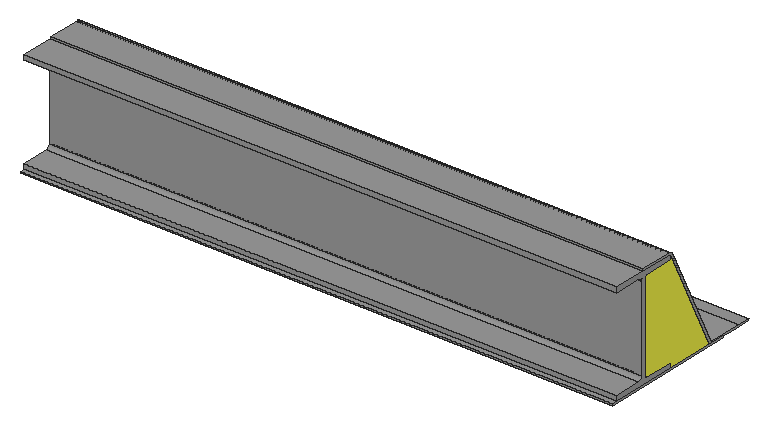
Revit family "XK 150", category Generic Models, Revit 2014
Parameters (values of type "Max lintel length 6600mm")
  URL = "http://www.keystonelintels.co.uk"
  Structural Opening [instance] = 900 mm
  Structural Performance = "The Keystone lintel range has safe working loads as detailed in each applicable loading table in the Keystone Lintel Guide brochure. The structural performance figures within each table have been ascertained by testing in accordance with the requirements of standards BS EN 5977-2: 1983 and BS EN 845-2: 2003."
  RIBA Productor Selector = "available for Keystone Lintels Ltd from Keystone Lintels Ltd from ribaproductselector.com"
  Model = "X/K 150"
  Min Length = 600 mm
  Min Clear Span = 300 mm
  Max Length = 6600 mm
  Max Clear Span = 6600 mm
  Material - Stainless Steel = "Grade 304 2b 1.4307 to BS EN 10088-2. Other grades available on request: contact manufacturer."
  Material - Galvanised Steel = "To BS EN 10346: 2009. DX51D plus Z600 or grade Z275 to BS 5977-2: 1983 (BS EN 845-2: 2003)."
  Manufacturer = "Keystone"
  Manufactured Length [instance] = (roundup(Effective Length / 150 mm) * 150 mm)  # 1200 mm
  Lintel height [instance] = 2100 mm
  Keynote = "F30/755"
  Fire Performance = "Keystone lintels have been subjected to a fire test (WARRES No. 101263) in accordance with BS 476-20: 1987, at Exova Warrington Fire and achieved a one hour fire performance."
  End Bearing = 150 mm
  Effective Length [instance] = Clear Opening with MIN MAX set + End Bearing * 2  # 1200 mm
  Corrosion = "Keystone’s standard range of lintels are manufactured from high quality grade pre-galvanized carbon steel with a zinc coating of 600"
  Contact Tel = "+44 (0)28 8676 2184"
  Contact Email = "info@keystonelintels.co.uk"
  Clear Opening with MIN MAX set [instance] = if(Structural Opening < Min Clear Span, Min Clear Span, (if(Structural Opening > Max Clear Span, Max Clear Span, Structural Opening)))  # 900 mm
  CPD Information = "Available for Keystone Lintels Ltd from ribacpd.com"
Reference planes
  plane 1 "Center (Front/Back)": y = 0
  plane 2: z = 0
  plane 3 "Center (Left/Right)": x = 0
  plane 4: x = -600
  plane 5: x = 600
  plane 6: z = 2100
  plane 7: x = -450
  plane 8: x = 450
Forms (mm)
  Extrusion 1, solid, material "Steel"
    sketch origin (0, 693.312, -506.841) x (0, 1, 0) y (0, 0, 1)
      loop
        line (-570.492, 2610.041) -> (-639.634, 2610.041)
        arc (-639.634, 2610.041) -> (-640.591, 2610.316) -> (-641.255, 2611.058) r 1.8
        line (-641.255, 2611.058) -> (-739.279, 2813.904)
        arc (-739.279, 2813.904) -> (-741.198, 2816.046) -> (-743.961, 2816.841) r 5.2
        line (-743.961, 2816.841) -> (-811.961, 2816.841) -> (-811.961, 2813.641) -> (-743.961, 2813.641)
        arc (-743.961, 2813.641) -> (-742.899, 2813.335) -> (-742.161, 2812.511) r 2
        line (-742.161, 2812.511) -> (-644.463, 2610.343)
        arc (-644.463, 2610.343) -> (-642.176, 2607.789) -> (-638.881, 2606.841) r 6.2
        line (-638.881, 2606.841) -> (-570.548, 2606.841) -> (-545.562, 2605.979) -> (-545.507, 2609.179) -> (-570.492, 2610.041)
    from -600 to 600
  Extrusion 2, solid, material "Steel"
    sketch origin (0, 692.916, -506.841) x (0, 1, 0) y (0, 0, 1)
      loop
        line (-744.565, 2813.641) -> (-878.465, 2813.641) -> (-878.465, 2804.041) -> (-822.315, 2804.041)
        arc (-822.315, 2804.041) -> (-816.941, 2801.815) -> (-814.715, 2796.441) r 7.6
        line (-814.715, 2796.441) -> (-814.715, 2624.041)
        arc (-814.715, 2624.041) -> (-816.941, 2618.667) -> (-822.315, 2616.441) r 7.6
        line (-822.315, 2616.441) -> (-878.465, 2616.441) -> (-878.465, 2606.841) -> (-744.565, 2606.841) -> (-744.565, 2616.441) -> (-800.715, 2616.441)
        arc (-800.715, 2616.441) -> (-806.089, 2618.667) -> (-808.315, 2624.041) r 7.6
        line (-808.315, 2624.041) -> (-808.315, 2796.441)
        arc (-808.315, 2796.441) -> (-806.089, 2801.815) -> (-800.715, 2804.041) r 7.6
        line (-800.715, 2804.041) -> (-744.565, 2804.041) -> (-744.565, 2813.641)
    from -600 to 600
  Extrusion 3, solid, material "Steel"
    sketch origin (0, 692.916, -506.841) x (0, 1, 0) y (0, 0, 1)
      loop
        line (-888.465, 2603.641) -> (-608.465, 2603.641) -> (-608.465, 2606.841) -> (-888.465, 2606.841) -> (-888.465, 2603.641)
    from -600 to 600
  Extrusion 4, solid, material "Insulation"
    sketch origin (0, 693.312, -506.841) x (0, 1, 0) y (0, 0, 1)
      loop
        arc (-742.161, 2812.511) -> (-742.899, 2813.335) -> (-743.961, 2813.641) r 2
        line (-743.961, 2813.641) -> (-744.565, 2804.041) -> (-800.715, 2804.041)
        arc (-800.715, 2804.041) -> (-806.089, 2801.815) -> (-808.315, 2796.441) r 7.6
        line (-808.315, 2796.441) -> (-808.315, 2624.041)
        arc (-808.315, 2624.041) -> (-806.089, 2618.667) -> (-800.715, 2616.441) r 7.6
        line (-800.715, 2616.441) -> (-744.565, 2616.441) -> (-744.565, 2606.841) -> (-638.881, 2606.841)
        arc (-638.881, 2606.841) -> (-642.176, 2607.789) -> (-644.463, 2610.343) r 6.2
        line (-644.463, 2610.343) -> (-742.161, 2812.511)
    from -600 to 600
  Extrusion 5, solid, not visible
    sketch origin (0, 959.481, 1247.159) x (0, 1, 0) y (0, 0, 1)
      loop
        line (-570.492, 1010.041) -> (-639.634, 1010.041)
        arc (-639.634, 1010.041) -> (-640.591, 1010.316) -> (-641.255, 1011.058) r 1.8
        line (-641.255, 1011.058) -> (-739.279, 1213.904)
        arc (-739.279, 1213.904) -> (-741.198, 1216.046) -> (-743.961, 1216.841) r 5.2
        line (-743.961, 1216.841) -> (-811.961, 1216.841) -> (-811.961, 1213.641) -> (-743.961, 1213.641)
        arc (-743.961, 1213.641) -> (-742.899, 1213.335) -> (-742.161, 1212.511) r 2
        line (-742.161, 1212.511) -> (-644.463, 1010.343)
        arc (-644.463, 1010.343) -> (-642.176, 1007.789) -> (-638.881, 1006.841) r 6.2
        line (-638.881, 1006.841) -> (-570.548, 1006.841) -> (-545.562, 1005.979) -> (-545.507, 1009.179) -> (-570.492, 1010.041)
    from 0 to 250
  Extrusion 6, solid, not visible
    sketch origin (0, 558.791, 1220.571) x (0, 1, 0) y (0, 0, 1)
      loop
        line (-744.565, 1213.641) -> (-878.465, 1213.641) -> (-878.465, 1204.041) -> (-822.315, 1204.041)
        arc (-822.315, 1204.041) -> (-816.941, 1201.815) -> (-814.715, 1196.441) r 7.6
        line (-814.715, 1196.441) -> (-814.715, 1024.041)
        arc (-814.715, 1024.041) -> (-816.941, 1018.667) -> (-822.315, 1016.441) r 7.6
        line (-822.315, 1016.441) -> (-878.465, 1016.441) -> (-878.465, 1006.841) -> (-744.565, 1006.841) -> (-744.565, 1016.441) -> (-800.715, 1016.441)
        arc (-800.715, 1016.441) -> (-806.089, 1018.667) -> (-808.315, 1024.041) r 7.6
        line (-808.315, 1024.041) -> (-808.315, 1196.441)
        arc (-808.315, 1196.441) -> (-806.089, 1201.815) -> (-800.715, 1204.041) r 7.6
        line (-800.715, 1204.041) -> (-744.565, 1204.041) -> (-744.565, 1213.641)
    from 0 to 250
  Extrusion 7, solid, not visible
    sketch origin (0, 1003.818, 1014.436) x (0, 1, 0) y (0, 0, 1)
      loop
        line (-888.465, 1003.641) -> (-608.465, 1003.641) -> (-608.465, 1006.841) -> (-888.465, 1006.841) -> (-888.465, 1003.641)
    from 0 to 250
  Extrusion 8, solid, not visible
    sketch origin (0, 536.942, 832.791) x (0, 1, 0) y (0, 0, 1)
      loop
        arc (-742.161, 1212.511) -> (-742.899, 1213.335) -> (-743.961, 1213.641) r 2
        line (-743.961, 1213.641) -> (-744.565, 1204.041) -> (-800.715, 1204.041)
        arc (-800.715, 1204.041) -> (-806.089, 1201.815) -> (-808.315, 1196.441) r 7.6
        line (-808.315, 1196.441) -> (-808.315, 1024.041)
        arc (-808.315, 1024.041) -> (-806.089, 1018.667) -> (-800.715, 1016.441) r 7.6
        line (-800.715, 1016.441) -> (-744.565, 1016.441) -> (-744.565, 1006.841) -> (-638.881, 1006.841)
        arc (-638.881, 1006.841) -> (-642.176, 1007.789) -> (-644.463, 1010.343) r 6.2
        line (-644.463, 1010.343) -> (-742.161, 1212.511)
    from 0 to 250
Dimensions and locks
  equal spacing: plane 4, plane 3 "Center (Left/Right)", plane 5
  "Manufactured Length": plane 4 to plane 5
  "Lintel height": plane 6 to level
  "Structural Opening": plane 7 to plane 8
  equal spacing: plane 7, plane 3 "Center (Left/Right)", plane 8
  aligned and locked: level to plane 2
  aligned and locked: Extrusion 1 to plane 6
  aligned and locked: Extrusion 2 to plane 6
  aligned and locked: plane 6 to Extrusion 3
  aligned and locked: Extrusion 4 to plane 6
  aligned and locked: plane 5 to Extrusion 2
  aligned and locked: Extrusion 2 to plane 4
  aligned and locked: plane 5 to Extrusion 1
  aligned and locked: Extrusion 1 to plane 4
  aligned and locked: plane 5 to Extrusion 3
  aligned and locked: Extrusion 3 to plane 4
  aligned and locked: plane 5 to Extrusion 4
  aligned and locked: Extrusion 4 to plane 4
Automatic sketch dimensions
  Extrusion 1 sketch curve to Extrusion 1 sketch curve = 0.055 mm  (x2)
  Extrusion 1 sketch curve to Extrusion 1 sketch curve = 24.985 mm
  Extrusion 1 sketch curve to Extrusion 1 sketch curve = 3.2 mm  (x2)
  Extrusion 1 sketch curve to Extrusion 1 sketch curve = 0.862 mm
  Extrusion 1 sketch curve to Extrusion 1 sketch curve = 68.334 mm
  Extrusion 1 sketch curve to Extrusion 1 sketch curve = 0.753 mm
  Extrusion 1 sketch curve to Extrusion 1 sketch curve = 3 mm
  Extrusion 1 sketch curve to Extrusion 1 sketch curve = 4.829 mm
  Extrusion 1 sketch curve to Extrusion 1 sketch curve = 1.2 mm
  Extrusion 1 sketch curve to Extrusion 1 sketch curve = 1.621 mm
  Extrusion 1 sketch curve to Extrusion 1 sketch curve = 100.398 mm
  Extrusion 1 sketch curve to Extrusion 1 sketch curve = 200.863 mm
  Extrusion 1 sketch curve to Extrusion 1 sketch curve = 2.881 mm
  Extrusion 1 sketch curve to Extrusion 1 sketch curve = 1.392 mm
  Extrusion 1 sketch curve to Extrusion 1 sketch curve = 1.801 mm
  Extrusion 1 sketch curve to Extrusion 1 sketch curve = 0.87 mm
  Extrusion 1 sketch curve to Extrusion 1 sketch curve = 0 mm  (x4)
  Extrusion 1 sketch curve to Extrusion 1 sketch curve = 68 mm
  Extrusion 2 sketch curve to Extrusion 2 sketch curve = 133.9 mm
  Extrusion 2 sketch curve to Extrusion 2 sketch curve = 9.6 mm  (x2)
  Extrusion 2 sketch curve to Extrusion 2 sketch curve = 56.15 mm  (x3)
  Extrusion 2 sketch curve to Extrusion 2 sketch curve = 7.6 mm  (x4)
  Extrusion 2 sketch curve to Extrusion 2 sketch curve = 14 mm
  Extrusion 2 sketch curve to Extrusion 2 sketch curve = 0 mm  (x2)
  Extrusion 2 sketch curve to Extrusion 2 sketch curve = 172.4 mm
  Extrusion 3 sketch curve to Extrusion 3 sketch curve = 280 mm
  Extrusion 3 sketch curve to Extrusion 3 sketch curve = 3.2 mm
  Extrusion 4 sketch curve to Extrusion 4 sketch curve = 7.6 mm  (x3)
  Extrusion 4 sketch curve to Extrusion 4 sketch curve = 56.15 mm  (x2)
  Extrusion 4 sketch curve to Extrusion 4 sketch curve = 0.604 mm
  Extrusion 4 sketch curve to Extrusion 4 sketch curve = 1.801 mm
  Extrusion 4 sketch curve to Extrusion 4 sketch curve = 100.102 mm
  Extrusion 4 sketch curve to Extrusion 4 sketch curve = 5.582 mm
  Extrusion 4 sketch curve to Extrusion 4 sketch curve = 3.502 mm
  Extrusion 4 sketch curve to Extrusion 4 sketch curve = 9.6 mm
  Extrusion 4 sketch curve to Extrusion 4 sketch curve = 172.4 mm
  Extrusion 4 sketch curve to Extrusion 4 sketch curve = 0.87 mm
  Extrusion 5 sketch curve to Extrusion 5 sketch curve = 0.055 mm  (x2)
  Extrusion 5 sketch curve to Extrusion 5 sketch curve = 24.985 mm
  Extrusion 5 sketch curve to Extrusion 5 sketch curve = 3.2 mm  (x2)
  Extrusion 5 sketch curve to Extrusion 5 sketch curve = 0.862 mm
  Extrusion 5 sketch curve to Extrusion 5 sketch curve = 68.334 mm
  Extrusion 5 sketch curve to Extrusion 5 sketch curve = 0.753 mm
  Extrusion 5 sketch curve to Extrusion 5 sketch curve = 3 mm
  Extrusion 5 sketch curve to Extrusion 5 sketch curve = 4.829 mm
  Extrusion 5 sketch curve to Extrusion 5 sketch curve = 1.2 mm
  Extrusion 5 sketch curve to Extrusion 5 sketch curve = 1.621 mm
  Extrusion 5 sketch curve to Extrusion 5 sketch curve = 100.398 mm
  Extrusion 5 sketch curve to Extrusion 5 sketch curve = 200.863 mm
  Extrusion 5 sketch curve to Extrusion 5 sketch curve = 2.881 mm
  Extrusion 5 sketch curve to Extrusion 5 sketch curve = 1.392 mm
  Extrusion 5 sketch curve to Extrusion 5 sketch curve = 1.801 mm
  Extrusion 5 sketch curve to Extrusion 5 sketch curve = 0.87 mm
  Extrusion 5 sketch curve to Extrusion 5 sketch curve = 0 mm  (x4)
  Extrusion 5 sketch curve to Extrusion 5 sketch curve = 68 mm
  Extrusion 6 sketch curve to Extrusion 6 sketch curve = 133.9 mm
  Extrusion 6 sketch curve to Extrusion 6 sketch curve = 9.6 mm  (x2)
  Extrusion 6 sketch curve to Extrusion 6 sketch curve = 56.15 mm  (x3)
  Extrusion 6 sketch curve to Extrusion 6 sketch curve = 7.6 mm  (x4)
  Extrusion 6 sketch curve to Extrusion 6 sketch curve = 14 mm
  Extrusion 6 sketch curve to Extrusion 6 sketch curve = 0 mm  (x2)
  Extrusion 6 sketch curve to Extrusion 6 sketch curve = 172.4 mm
  Extrusion 7 sketch curve to Extrusion 7 sketch curve = 280 mm
  Extrusion 7 sketch curve to Extrusion 7 sketch curve = 3.2 mm
  Extrusion 8 sketch curve to Extrusion 8 sketch curve = 7.6 mm  (x3)
  Extrusion 8 sketch curve to Extrusion 8 sketch curve = 56.15 mm  (x2)
  Extrusion 8 sketch curve to Extrusion 8 sketch curve = 0.604 mm
  Extrusion 8 sketch curve to Extrusion 8 sketch curve = 1.801 mm
  Extrusion 8 sketch curve to Extrusion 8 sketch curve = 100.102 mm
  Extrusion 8 sketch curve to Extrusion 8 sketch curve = 5.582 mm
  Extrusion 8 sketch curve to Extrusion 8 sketch curve = 3.502 mm
  Extrusion 8 sketch curve to Extrusion 8 sketch curve = 9.6 mm
  Extrusion 8 sketch curve to Extrusion 8 sketch curve = 172.4 mm
  Extrusion 8 sketch curve to Extrusion 8 sketch curve = 0.87 mm
  Extrusion 4 sketch curve to plane 6 = 0 mm
  plane 1 "Center (Front/Back)" to Extrusion 4 sketch curve = 115.003 mm
  Extrusion 3 sketch curve to plane 6 = 0 mm
  plane 1 "Center (Front/Back)" to Extrusion 3 sketch curve = 195.549 mm
  Extrusion 2 sketch curve to plane 6 = 0 mm
  plane 1 "Center (Front/Back)" to Extrusion 2 sketch curve = 185.549 mm
  Extrusion 1 sketch curve to plane 6 = 0 mm
  plane 1 "Center (Front/Back)" to Extrusion 1 sketch curve = 118.649 mm
